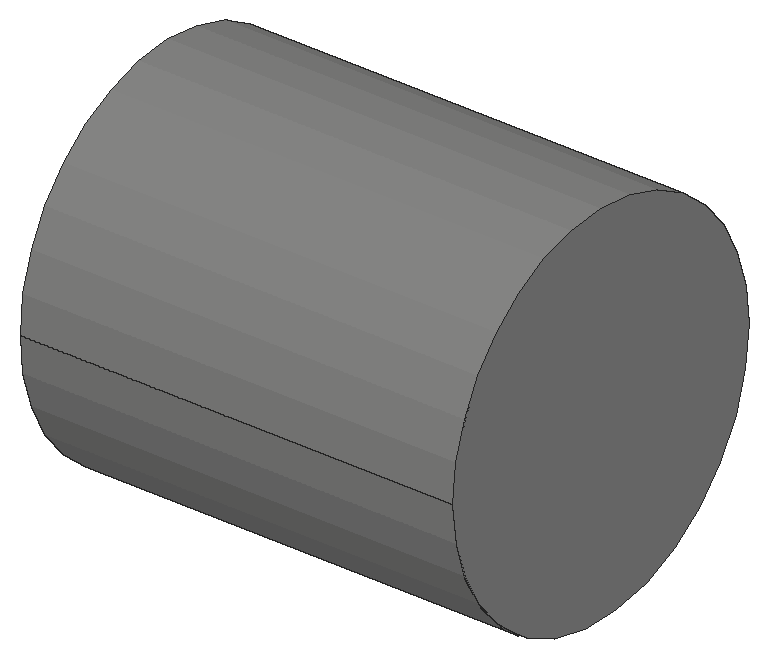
Revit family "Cap - Welded - Generic", category Pipe Fittings, Revit 2027
Family settings
  Round Connector Dimension = Use Radius
  Part Type = Cap
  Work Plane-Based = No
  Always vertical = Yes
  Cut with Voids When Loaded = No
  Shared = No
Parameters (values of type "Standard")
  Nominal Radius [instance] = 1/4"
  Nominal Diameter [instance] = Nominal Radius * 2  # 1/2"
  Loss Method = Not Defined
  Lookup Table Name = "Cap - Welded - Generic"
  Height [instance] = size_lookup(Lookup Table Name, "Hgt", 0.28 * Nominal Diameter + 1 101/128", Nominal Diameter)  # 0.98425"
  Fitting Outside Radius [instance] = Fitting Outside Diameter / 2  # 0.41929"
  Fitting Outside Diameter [instance] = size_lookup(Lookup Table Name, "FOD", Nominal Diameter + 105/256", Nominal Diameter)  # 0.83858"
  Fitting Material = Steel - Bell & Gossett - Carbon
  Default Elevation = 0' - 0"
Types (2): name
  Standard
  BG - Schedule 40
Reference planes (in)
  plane 1 "Center (Front/Back)": y = 0
  plane 2: z = 0
  plane 3 "Center (Left/Right)": x = 0
  plane 4: x = 0.98425
  plane 5: y = 0.41929
  plane 6: y = -0.41929
Forms (in)
  Extrusion 1, solid, material "Steel - Bell & Gossett - Carbon" <- "Fitting Material", detail levels fine
    sketch origin (0, 0, 0) x (0, 1, 0) y (0, 0, 1)
      loop
        circle (0, 0) r 0.41929
    from 0 to 0.98425
Lines and regions (in)
  model lines, detail levels coarse+medium
    curve 1: line (0, 0.41929, 0) -> (0.98425, 0.41929, 0)
    curve 2: line (0, -0.41929, 0) -> (0.98425, -0.41929, 0)
    curve 3: line (0.98425, 0.41929, 0) -> (0.98425, -0.41929, 0)
Dimensions and locks (in)
  "Height": plane 3 "Center (Left/Right)" to plane 4
  "Fitting Outside Radius": plane 5 to plane 1 "Center (Front/Back)"
  "Fitting Outside Radius": plane 1 "Center (Front/Back)" to plane 6
  "Fitting Outside Radius": radius of Extrusion 1 sketch curve
  aligned and locked: plane 1 "Center (Front/Back)" to Extrusion 1 sketch curve
  aligned and locked: plane 2 to Extrusion 1 sketch curve
  aligned and locked: Extrusion 1 to plane 3 "Center (Left/Right)"
  aligned and locked: plane 4 to Extrusion 1
  aligned and locked: plane 3 "Center (Left/Right)" to curve 1
  aligned and locked: plane 3 "Center (Left/Right)" to curve 2
  aligned and locked: plane 4 to curve 2
  aligned and locked: curve 2 to plane 6
  aligned and locked: curve 1 to plane 5
  aligned and locked: plane 6 to curve 3
  aligned and locked: plane 5 to curve 3
  aligned and locked: curve 3 to plane 4
Connectors (in)
  piping at (0, 0, 0), diameter 0.5, driven by "Nominal Radius"
    settings: on Extrusion 1, index 1, connector inside diameter 1/2", connector length 0' - 0", flow factor 0, pipe flow 0 GPM, pressure drop 0.00 psi, fitting loss kfactor 0, connector angle 0.00°, fixture units 0, engagement length 0' - 0", angle of deflection 0.00°, flow configuration 0, flow direction 0, fitting loss method 0, system type 28, joint type 0, gender type 0, connector reference index -1, connector utility 0, adjustable connector no, is connector primary yes, connector description ""
